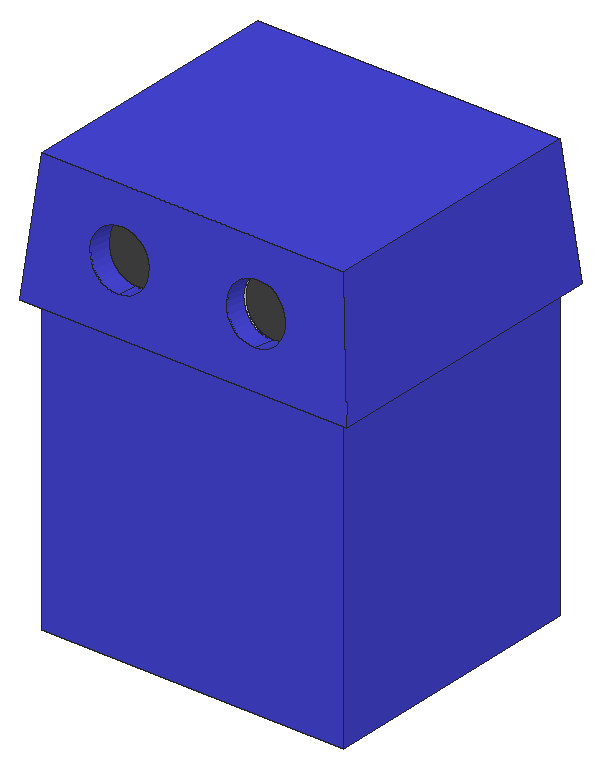
Revit family "f34f9a2c33c04949aacf384ff0d60707", category Specialty Equipment, Revit 2019
Family settings
  Round Connector Dimension = Use Diameter
  Part Type = Normal
  OmniClass Number = 23.15.30.21.11
  OmniClass Title = Bins
  Seek Item ID = Recycle Bin-Square-0000-USA-ENU
  Work Plane-Based = No
  Always vertical = Yes
  Cut with Voids When Loaded = No
  Shared = No
  Room Calculation Point = No
Reference planes (in)
  plane 1 "Center (Front/Back)": y = 0
  plane 2: z = 0
  plane 3 "Center (Left/Right)": x = 0
  plane 4 "Face of poche-void": through (0, -9.88741, 27.86442) normal (0, -0.995, 0.0995)
  plane 5: x = -13.75
  plane 6: x = 13.75
  plane 7: y = -12.11853
  plane 8: y = 12.63147
Forms (in)
  Extrusion 1, solid, material "Plastic - Blue"
    sketch origin (0, 0.25647, 0) x (1, 0, 0) y (0, 1, 0)
      loop
        line (-12.75, 11.375) -> (-12.75, -11.375) -> (12.75, -11.375) -> (12.75, 11.375) -> (-12.75, 11.375)
    from 0 to 25
  Blend 2, solid, material "Plastic - Blue"
    base sketch origin (0, 0.25647, 25) x (-1, 0, 0) y (0, -1, 0)
      loop
        line (13.75, -12.375) -> (13.75, 12.375) -> (-13.75, 12.375) -> (-13.75, -12.375) -> (13.75, -12.375)
    top sketch origin (0, 0.25647, 25) x (-1, 0, 0) y (0, -1, 0)
      loop
        line (12.75, -11.375) -> (12.75, 11.375) -> (-12.75, 11.375) -> (-12.75, -11.375) -> (12.75, -11.375)
    from 0 to 11
  Extrusion 3, void
    sketch origin (0, -14.5359, 1.47924) x (0, -0.099504, -0.995037) y (1, 0, 0)
      loop
        circle (-29.21678, -5.75) r 2.5
      loop
        circle (-29.21678, 5.75) r 2.5
    from -2 to 0.5
  Extrusion 4, solid
    sketch origin (0, -14.5359, 1.47924) x (0, -0.099504, -0.995037) y (1, 0, 0)
      loop
        circle (-29.21678, -5.25) r 2.5
      loop
        circle (-29.21678, 5.25) r 2.5
    from -2 to -1.875
Cuts and joins
  Extrusion 3 cuts Blend 2
  Extrusion 3 cuts Extrusion 4
Lines and regions (in)
  symbolic lines, detail levels medium+fine
    curve 1: line (-1.5816, -11.375, 17.30843) -> (-0.60497, -11.375, 19)
    curve 2: line (-0.60497, -11.375, 19) -> (0.7816, -11.375, 19)
    curve 3: line (0.7816, -11.375, 19) -> (1.50003, -11.375, 17.75563)
    curve 4: line (1.50003, -11.375, 17.75563) -> (1.95511, -11.375, 18.02265)
    curve 5: line (1.95511, -11.375, 18.02265) -> (1.34961, -11.375, 16.79805)
    curve 6: line (1.34961, -11.375, 16.79805) -> (-0.01512, -11.375, 16.88285)
    curve 7: line (-0.01512, -11.375, 16.88285) -> (0.45732, -11.375, 17.16006)
    curve 8: line (0.45732, -11.375, 17.16006) -> (-0.59403, -11.375, 18.95187)
    curve 9: line (0.0954, -11.375, 17.77688) -> (-0.53427, -11.375, 16.70375)
    curve 10: line (-0.53427, -11.375, 16.70375) -> (-1.5816, -11.375, 17.30843)
    curve 11: line (1.11449, -11.375, 16.19121) -> (2.16836, -11.375, 16.79966)
    curve 12: line (2.16836, -11.375, 16.79966) -> (3.14527, -11.375, 15.10762)
    curve 13: line (3.14527, -11.375, 15.10762) -> (2.44778, -11.375, 13.91889)
    curve 14: line (2.44778, -11.375, 13.91889) -> (1.02927, -11.375, 13.91889)
    curve 15: line (1.02927, -11.375, 13.91889) -> (1.02927, -11.375, 13.34664)
    curve 16: line (1.02927, -11.375, 13.34664) -> (0.25622, -11.375, 14.50621)
    curve 17: line (0.25622, -11.375, 14.50621) -> (1.02056, -11.375, 15.65272)
    curve 18: line (1.02056, -11.375, 15.65272) -> (1.02056, -11.375, 15.10309)
    curve 19: line (1.02056, -11.375, 15.10309) -> (1.75294, -11.375, 15.10309)
    curve 20: line (1.11449, -11.375, 16.19121) -> (2.44778, -11.375, 13.91889)
    curve 21: line (-2.61754, -11.375, 16.5391) -> (-1.17168, -11.375, 16.62215)
    curve 22: line (-1.17168, -11.375, 16.62215) -> (-0.57187, -11.375, 15.38731)
    curve 23: line (-0.57187, -11.375, 15.38731) -> (-1.0451, -11.375, 15.65612)
    curve 24: line (-1.0451, -11.375, 15.65612) -> (-1.41176, -11.375, 15.01063)
    curve 25: line (-2.79093, -11.375, 15.01063) -> (-0.16176, -11.375, 15.01063)
    curve 26: line (-0.16176, -11.375, 15.01063) -> (-0.16176, -11.375, 13.83469)
    curve 27: line (-0.16176, -11.375, 13.83469) -> (-2.11201, -11.375, 13.83469)
    curve 28: line (-2.11201, -11.375, 13.83469) -> (-2.79093, -11.375, 15.01063)
    curve 29: line (-2.79093, -11.375, 15.01063) -> (-2.09196, -11.375, 16.27923)
    curve 30: line (-2.09196, -11.375, 16.27923) -> (-2.61754, -11.375, 16.5391)
  symbolic lines, not visible, detail levels medium+fine
    curve 31: line (-1.5816, -11.375, 18.54378) -> (-0.60497, -11.375, 20.23535)
    curve 32: line (-0.60497, -11.375, 20.23535) -> (0.7816, -11.375, 20.23535)
    curve 33: line (0.7816, -11.375, 20.23535) -> (1.50003, -11.375, 18.99099)
    curve 34: line (1.50003, -11.375, 18.99099) -> (1.95511, -11.375, 19.258)
    curve 35: line (1.95511, -11.375, 19.258) -> (1.34961, -11.375, 18.0334)
    curve 36: line (1.34961, -11.375, 18.0334) -> (-0.01512, -11.375, 18.11821)
    curve 37: line (-0.01512, -11.375, 18.11821) -> (0.45732, -11.375, 18.39541)
    curve 38: line (0.45732, -11.375, 18.39541) -> (-0.59403, -11.375, 20.18723)
    curve 39: line (0.0954, -11.375, 19.01224) -> (-0.53427, -11.375, 17.9391)
    curve 40: line (-0.53427, -11.375, 17.9391) -> (-1.5816, -11.375, 18.54378)
    curve 41: line (1.11449, -11.375, 17.42656) -> (2.16836, -11.375, 18.03501)
    curve 42: line (2.16836, -11.375, 18.03501) -> (3.14527, -11.375, 16.34297)
    curve 43: line (3.14527, -11.375, 16.34297) -> (2.44778, -11.375, 15.15424)
    curve 44: line (2.44778, -11.375, 15.15424) -> (1.02927, -11.375, 15.15424)
    curve 45: line (1.02927, -11.375, 15.15424) -> (1.02927, -11.375, 14.58199)
    curve 46: line (1.02927, -11.375, 14.58199) -> (0.25622, -11.375, 15.74156)
    curve 47: line (0.25622, -11.375, 15.74156) -> (1.02056, -11.375, 16.88807)
    curve 48: line (1.02056, -11.375, 16.88807) -> (1.02056, -11.375, 16.33845)
    curve 49: line (1.02056, -11.375, 16.33845) -> (1.75294, -11.375, 16.33845)
    curve 50: line (1.11449, -11.375, 17.42656) -> (2.44778, -11.375, 15.15424)
    curve 51: line (-2.61754, -11.375, 17.77445) -> (-1.17168, -11.375, 17.8575)
    curve 52: line (-1.17168, -11.375, 17.8575) -> (-0.57187, -11.375, 16.62266)
    curve 53: line (-0.57187, -11.375, 16.62266) -> (-1.0451, -11.375, 16.89147)
    curve 54: line (-1.0451, -11.375, 16.89147) -> (-1.41176, -11.375, 16.24598)
    curve 55: line (-2.79093, -11.375, 16.24598) -> (-0.16176, -11.375, 16.24598)
    curve 56: line (-0.16176, -11.375, 16.24598) -> (-0.16176, -11.375, 15.07004)
    curve 57: line (-0.16176, -11.375, 15.07004) -> (-2.11201, -11.375, 15.07004)
    curve 58: line (-2.11201, -11.375, 15.07004) -> (-2.79093, -11.375, 16.24598)
    curve 59: line (-2.79093, -11.375, 16.24598) -> (-2.09196, -11.375, 17.51458)
    curve 60: line (-2.09196, -11.375, 17.51458) -> (-2.61754, -11.375, 17.77445)
Dimensions and locks (in)
  locked: Blend 2 sketch curve to Extrusion 1 at 1  (x2)
  locked: Extrusion 1 to Blend 2 sketch curve at 1  (x2)
  aligned and locked: Blend 2 sketch curve to Extrusion 1  (x3)
  aligned and locked: Extrusion 1 to Blend 2 sketch curve
  aligned and locked: plane 4 "Face of poche-void" to cut or joined group of Blend 2, Extrusion 3
